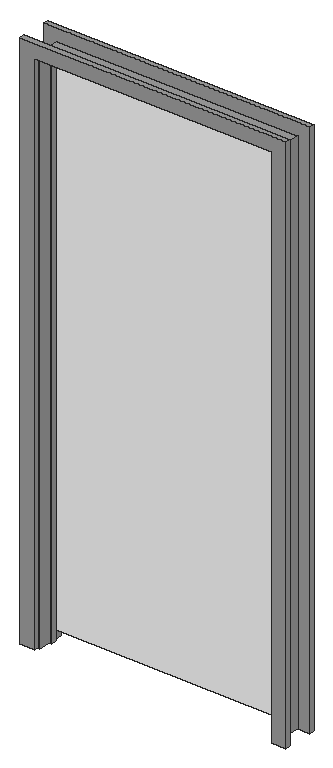
Revit family "Interior Door-Single", category Doors, host Wall, Revit 2019
Family settings
  Host = Wall
  Always vertical = Yes
  Cut with Voids When Loaded = No
  Shared = No
  Room Calculation Point = No
Parameters (values of type "36"")
  Type Comments = "36"
  Trim_Width = 0' - 2 1/4"
  Trim_Thickness = 0' - 0 11/16"
  Thickness = 0' - 1 3/8"
  Tag # = 0
  Rough Width = Width + 0' 2"  # 3' - 2"
  Rough Height = 6' - 10 1/2"
  ID Tag = "1"
  Function = Interior
  Door sweep [instance] = 45.00°
  Description = "3'-0\"x6'-8\""
  Assembly Code = "C1020"
  Door Material = Door - Panel
  Frame Material = Door - Frame
  Height = 6' - 10 1/2"
  Wall Closure = By host
  Width = 3' - 0"
  Analytic Construction = "<None>"
Reference planes (in)
  plane 1: y = 0
  plane 2: z = 0
  plane 3: x = 0.52168
  plane 4 "Left": x = -17.47832
  plane 5: x = 18.52168
  plane 6: z = 82.5
  plane 7 "EXT FACE": y = -1
  plane 8 "INT FACE": y = 3
  plane 9 "Doorknob": x = -14.97832
  plane 10 "Right": x = 18.52168
  plane 11: z = 81.5
Forms (in)
  Extrusion 1, solid, material "Door - Panel" <- "Door Material"
    sketch origin (0, 3, 0) x (1, 0, 0) y (0, 0, 1)
      loop
        line (-17.47832, 81.5) -> (-17.47832, 1.5) -> (18.52168, 1.5) -> (18.52168, 81.5) -> (-17.47832, 81.5)
    from 0 to 1.375
  Extrusion 2, solid, material "Door - Frame", not visible
    sketch origin (-60, 2.75, 0) x (1, 0, 0) y (0, 0, 1)
      loop
        line (78.3125, 80) -> (78.3125, 0) -> (81.3125, 0) -> (81.3125, 83) -> (38.6875, 83) -> (38.6875, 0) -> (41.6875, 0) -> (41.6875, 80) -> (78.3125, 80)
    from 0 to 0.5
  Sweep 3, solid, material "Door - Frame"
    path origin (0, 3, 0) x (1, 0, 0) y (0, 0, 1)
      loop
        line (18.52168, 0) -> (18.52168, 81.5) -> (-17.47832, 81.5) -> (-17.47832, 0)
    profile origin (18.52168, 3, 40.75) x (-1, 0, 0) y (0, -1, 0)
      loop
        line (0, 0) -> (0, 4) -> (-0.625, 4) -> (-0.625, 0) -> (0, 0)
  Sweep 4, solid, material "Door - Frame"
    path origin (0, 3, 0) x (1, 0, 0) y (0, 0, 1)
      loop
        line (-17.47832, 0) -> (-17.47832, 81.5) -> (18.52168, 81.5) -> (18.52168, 0)
    profile origin (-17.47832, 3, 40.75) x (-1, 0, 0) y (0, -1, 0)
      loop
        line (0.3125, 0) -> (0.3125, -0.6875) -> (2.5625, -0.6875) -> (2.5625, 0) -> (0.3125, 0)
  Sweep 5, solid, material "Door - Frame"
    path origin (0, -1, 0) x (0, 0, -1) y (-1, 0, 0)
      loop
        line (0, 17.47832) -> (-81.5, 17.47832) -> (-81.5, -18.52168) -> (0, -18.52168)
    profile origin (-17.47832, -1, 40.75) x (1, 0, 0) y (0, 1, 0)
      loop
        line (-0.3125, 0) -> (-2.5625, 0) -> (-2.5625, -0.6875) -> (-0.3125, -0.6875) -> (-0.3125, 0)
  Sweep 6, solid, material "Door - Frame"
    path origin (0, 3, 0) x (1, 0, 0) y (0, 0, 1)
      loop
        line (-17.47832, 0) -> (-17.47832, 81.5) -> (18.52168, 81.5) -> (18.52168, 0)
    profile origin (-17.47832, 3, 40.75) x (-1, 0, 0) y (0, -1, 0)
      loop
        line (0, 1.375) -> (0, 2.125) -> (-0.375, 2.125) -> (-0.375, 1.375) -> (0, 1.375)
Lines and regions (in)
  Opening 1
    outline origin (-60, -1, 144) x (0, 0, -1) y (1, 0, 0)
      loop
        line (61.5, 41.52168) -> (144, 41.52168) -> (144, 79.52168) -> (61.5, 79.52168) -> (61.5, 41.52168)
  symbolic lines, style "Elevation Swing"
    curve 1: line (-17.47832, 0, 81.5) -> (18.52168, 0, 42.5)
    curve 2: line (-17.47832, 0, 1.5) -> (18.52168, 0, 42.25)
  symbolic lines, style "Plan Swing"
    curve 3: line (18.52168, 3, 0) -> (-6.93417, 28.45584, 0)
    curve 4: line (-6.93417, 28.45584, 0) -> (-7.90644, 27.48357, 0)
    curve 5: line (18.52168, 3, 0) -> (17.54941, 2.02773, 0)
    curve 6: line (-7.90644, 27.48357, 0) -> (17.54941, 2.02773, 0)
    curve 7: arc (-6.93417, 28.45584, 0) -> (-14.73798, 16.7766, 0) -> (-17.47832, 3, 0) r 36
Dimensions and locks (in)
  equal spacing: plane 4 "Left", plane 3, plane 5
  "Width": plane 4 "Left" to plane 5
  locked: level to Extrusion 1 at 1.5
  "Width": plane 4 "Left" to plane 10 "Right"
  "Rough Height": plane 6 to level
  locked: plane 4 "Left" to plane 9 "Doorknob" at 2.5
  "Width": curve 4 to curve 5
  locked: curve 6 to curve 3 at 1.375
  locked: Extrusion 1 to Extrusion 1 at 1.375  (x2)
  locked: plane 6 to plane 11 at 1
  locked: Sweep 4 sketch curve to Sweep 3 at 0.3125
  locked: Sweep 5 sketch curve to plane 4 "Left" at 0.3125
  "Trim_Width": Sweep 5 sketch curve to Sweep 5 sketch curve
  "Trim_Thickness": plane 7 "EXT FACE" to Sweep 5 sketch curve
  "Trim_Thickness": plane 8 "INT FACE" to Sweep 4 sketch curve
  "Trim_Width": Sweep 4 sketch curve to Sweep 4 sketch curve
  angle plane 5 to Extrusion 1 = 270.00°
  "Door sweep": angle curve 3 to host wall
  locked: curve 6 to curve 5 (angle 90.00°)
  aligned and locked: plane 7 "EXT FACE" to host wall
  aligned and locked: plane 8 "INT FACE" to host wall
  aligned and locked: Extrusion 1 sketch curve to plane 4 "Left"
  aligned and locked: plane 4 "Left" to Sweep 3 sketch curve
  aligned and locked: plane 11 to Sweep 3 sketch curve
  aligned and locked: Sweep 3 sketch curve to plane 5
  aligned and locked: Sweep 3 sketch curve to host wall  (x2)
Automatic sketch dimensions
  Extrusion 2 sketch curve to Extrusion 2 sketch curve = 0' - 3"  (x3)
  Extrusion 2 sketch curve to Extrusion 2 sketch curve = 3' - 0 5/8"
  Extrusion 2 sketch curve to Extrusion 2 sketch curve = 0' - 0"
  Extrusion 2 sketch curve to Extrusion 2 sketch curve = 6' - 8"
  Opening 1 sketch curve to plane 6 = 0' - 0"
  Opening 1 sketch curve to level = 0' - 0"
  plane 4 "Left" to Opening 1 sketch curve = 0' - 1"
  plane 5 to Opening 1 sketch curve = 0' - 1"
  curve 7 to plane 4 "Left" = 0' - 0"
  curve 5 to host wall = 0' - 0"
  curve 5 to plane 5 = 0' - 0"
  curve 7 to plane 5 = 0' - 0"
  Extrusion 1 sketch curve to plane 5 = 0' - 0"
  level to Extrusion 1 sketch curve = 0' - 1 1/2"
  plane 6 to Extrusion 1 sketch curve = 0' - 1"
  curve 1 to plane 4 "Left" = 0' - 0"
  curve 1 to plane 5 = 0' - 0"
  curve 2 to plane 5 = 0' - 0"
  curve 2 to plane 4 "Left" = 0' - 0"
  plane 6 to curve 1 = 0' - 1"
  plane 6 to curve 1 = 3' - 4"
  curve 1 to curve 2 = 0' - 0 1/4"
  level to curve 2 = 0' - 1 1/2"
  Sweep 3 sketch curve to level = 0' - 0"  (x2)
  Sweep 3 sketch curve to profile plane = 0' - 0"
  profile plane to Sweep 3 sketch curve = 0' - 0 5/8"
  Sweep 4 sketch curve to plane 4 "Left" = 0' - 0"
  Sweep 4 sketch curve to plane 5 = 0' - 0"
  Sweep 4 sketch curve to level = 0' - 0"  (x2)
  Sweep 4 sketch curve to plane 11 = 0' - 0"
  Sweep 5 sketch curve to plane 4 "Left" = 0' - 0"
  Sweep 5 sketch curve to plane 5 = 0' - 0"
  Sweep 5 sketch curve to plane 11 = 0' - 0"
  Sweep 5 sketch curve to level = 0' - 0"  (x2)
  Sweep 6 sketch curve to plane 4 "Left" = 0' - 0"
  Sweep 6 sketch curve to plane 5 = 0' - 0"
  Sweep 6 sketch curve to level = 0' - 0"  (x2)
  Sweep 6 sketch curve to plane 11 = 0' - 0"
  Sweep 6 sketch curve to profile plane = 0' - 0"
  Sweep 6 sketch curve to Sweep 6 sketch curve = 0' - 0 3/8"
  plane 8 "INT FACE" to Sweep 6 sketch curve = 0' - 1 3/8"
  Sweep 6 sketch curve to Sweep 6 sketch curve = 0' - 0 3/4"
  plane 8 "INT FACE" to Sweep 4 sketch curve = 0' - 0"
  Sweep 5 sketch curve to plane 7 "EXT FACE" = 0' - 0"
